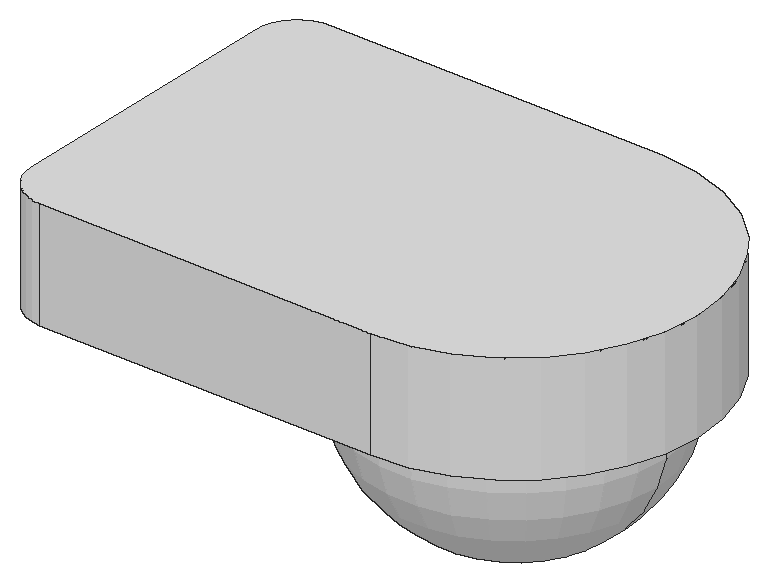
Revit family "252500.03 OSID mottaker 80 grader Tak", category Fire Alarm Devices, Revit 2016
Family settings
  Maintain Annotation Orientation = No
  Part Type = Normal
  Round Connector Dimension = Use Diameter
  OmniClass Number = 23.85.30.21.11.11.11
  OmniClass Title = Smoke Detectors
  Work Plane-Based = No
  Always vertical = Yes
  Cut with Voids When Loaded = No
  Shared = No
  Room Calculation Point = No
Parameters (values of type "Linjedetektor mottaker")
  Type Comments = "-RY"
  R = CQ Width / 2  # 65 mm
  NVMottaker = yes
  NS8360 = "5423_XN3"
  Manufacturer = "Honeywell"
  Keynote = "XN3"
  H1 = R - 10 mm  # 55 mm
  CQ Høyre = no
  CQFontSymboler = "w"
  CQ Venstre = not(CQ Høyre)  # yes
  CQ Type tekst synlig = yes
  CQ Type = "LD"
  CQ Montering tekst synlig [instance] = no
  CQ Montering [instance] = "HIM"
  CQ Material = Plastic - White
  CQ Width = 130 mm
  CQ Height = 94 mm
  CQ Length = 198 mm
  CQ Coverage Circle Radius = 70000 mm
  CQ Symbol Positive Direction [instance] = yes
  CQ Symbol Offset Side [instance] = 0 mm
  CQ Symbol Offset Out [instance] = 0 mm
  CQ Coverage Circle = no
  CQ 3D Synlig = not(CQ 2D Synlig)  # no
  CQ 2D Synlig = yes
  Assembly Code = "5423"
Reference planes
  plane 1 "Center (Front/Back)": y = 0
  plane 2: z = 0
  plane 3 "Center (Left/Right)": x = 0
  plane 4: z = -94
  plane 5 "foran a": y = -65
  plane 6 "bak a": y = 65
  plane 7 "høyre": x = 99
  plane 8 "Venstre": x = -99
  plane 9: z = -45
  plane 10: z = -39
  plane 11: x = 89
  plane 12: x = 34
Forms (mm)
  Extrusion 1, solid, material "Plastic - White" <- "CQ Material"
    sketch origin (0, 0, 0) x (1, 0, 0) y (0, 1, 0)
      loop
        arc (-84, 65) -> (-94.607, 60.607) -> (-99, 50) r 15
        line (-99, 50) -> (-99, -50)
        arc (-99, -50) -> (-94.607, -60.607) -> (-84, -65) r 15
        line (-84, -65) -> (34, -65)
        arc (34, -65) -> (99, 0) -> (34, 65) r 65
        line (34, 65) -> (-84, 65)
    from 0 to -39
  Revolve 2, solid, material "Plastic - White" <- "CQ Material"
    sketch origin (0, 0, 0) x (1, 0, 0) y (0, 0, 1)
      loop
        line (34, -39) -> (34, -94)
        arc (34, -94) -> (72.891, -77.891) -> (89, -39) r 55
        line (89, -39) -> (34, -39)
      axis (34, -39) -> (34, -94)
    angle from 0 to 360
Lines and regions (mm)
  model lines, style "InvisibleLines"
    curve 1: line (0, 0, 0) -> (0, 0, 5)
Dimensions and locks
  "CQ Height": plane 2 to plane 4
  "CQ Width": plane 6 "bak a" to plane 5 "foran a"
  equal spacing: plane 6 "bak a", plane 1 "Center (Front/Back)", plane 5 "foran a"
  equal spacing: plane 8 "Venstre", plane 3 "Center (Left/Right)", plane 7 "høyre"
  "CQ Length": plane 8 "Venstre" to plane 7 "høyre"
  "H1": plane 10 to plane 4
  "H1": plane 11 to plane 12
  locked: plane 11 to plane 7 "høyre" at 10
  "R": radius of Extrusion 1 sketch curve
  radius of Extrusion 1 sketch curve = 15 mm  (x2)
  aligned and locked: level to plane 2
  aligned and locked: plane 3 "Center (Left/Right)" to nested 1
  aligned and locked: plane 1 "Center (Front/Back)" to nested 1
  aligned and locked: nested 2 to plane 3 "Center (Left/Right)"
  aligned and locked: nested 2 to plane 1 "Center (Front/Back)"
  aligned and locked: level to curve 1
  aligned and locked: plane 3 "Center (Left/Right)" to curve 1
  aligned and locked: Extrusion 1 sketch curve to plane 6 "bak a"
  aligned and locked: Extrusion 1 sketch curve to plane 8 "Venstre"
  aligned and locked: Extrusion 1 to plane 10
  aligned and locked: Revolve 2 sketch curve to plane 12
  aligned and locked: Revolve 2 sketch curve to plane 10
  aligned and locked: plane 12 to Extrusion 1 sketch curve
  aligned and locked: plane 1 "Center (Front/Back)" to Extrusion 1 sketch curve
Automatic sketch dimensions
  level to curve 1 = 5 mm
  Revolve 2 sketch curve to plane 12 = 0 mm
  Revolve 2 sketch curve to plane 11 = 0 mm
  Revolve 2 sketch curve to plane 4 = 11 mm
  level to Revolve 2 sketch curve = 5 mm
Nested families
  nested 1: "Linjedetektor Symbol" at (0, 0, 0), visible <- "CQ 2D Synlig", type "Type 1"
  nested 2: "Coverage Circle" at (0, 0, 0), visible <- "CQ Coverage Circle", type "Type 1"
Connectors
  electrical at (0, 0, 0)
    settings: index 1, voltage 0 V, apparent load 0 VA, apparent load phase1 0 VA, apparent load phase2 0 VA, apparent load phase3 0 VA, power factor 1, load classification "Other", number of poles 1, system type 11, power factor state 1, is connector primary yes, connector utility no, sub classification motor no, connector description ""
Definition of nested family "Linjedetektor Symbol"
  Parameters (values of type "Type 1")
    Type tekst synlig = yes
    Type = "LD"
    Sender = not(Mottaker)  # no
    Mottaker = yes
    Montering tekst synlig = no
    Montering = "HIM"
    CQ Symbol Positive Direction = yes
    CQ Symbol Negative Direction = not(CQ Symbol Positive Direction)  # no
    CQ Symbol Offset Side = 0 mm
    CQ Symbol Offset Out = 0 mm
  Reference planes
    plane 1: y = 0
    plane 2: x = 0
  Dimensions and locks
    "CQ Symbol Offset Side": nested 2 to plane 2
    "CQ Symbol Offset Side": plane 2 to nested 1
    "CQ Symbol Offset Out": plane 1 to nested 1
    "CQ Symbol Offset Out": plane 1 to nested 2
  Nested families
    nested 1: "Linjedetektor Sub" at (0, 0, 0), visible <- "CQ Symbol Positive Direction", type "Type1"
    nested 2: "Linjedetektor Sub" at (0, 0, 0), visible <- "CQ Symbol Negative Direction", type "Type1"
  Definition of nested family "Linjedetektor Sub"
    Parameters (values of type "Type1")
      Type tekst synlig = yes
      Type = "LD"
      Sender = yes
      Mottaker = yes
      Montering tekst synlig = no
      Montering = "HIM"
    Reference planes
      plane 1: y = 0
      plane 2: x = 0
    Lines and regions (mm)
      detail lines
        curve 1: line (-2.5, -2.5, 0) -> (2.5, -2.5, 0)
        curve 2: line (2.5, -2.5, 0) -> (2.5, 2.5, 0)
        curve 3: line (2.5, 2.5, 0) -> (-2.5, 2.5, 0)
        curve 4: line (-2.5, 2.5, 0) -> (-2.5, -2.5, 0)
        curve 5: circle (-1.25, -1.5, 0) r 0.25 normal (0, 0, 1)
        curve 6: line (-1.25, -0.75, 0) -> (-1, 1.5, 0)
        curve 7: arc (-1, 1.5, 0) -> (-1.25, 1.75, 0) -> (-1.5, 1.5, 0) r 0.25
        curve 8: line (-1.5, 1.5, 0) -> (-1.25, -0.75, 0)
        curve 9: line (-1.25, 0.5, 0) -> (-1.25, 1.5, 0)
        curve 13: line (1.25, -0.83, 0) -> (2, 0.469, 0)
        curve 14: line (1.25, -0.83, 0) -> (0.5, 0.469, 0)
        curve 15: arc (0.189, 0.231, 0) -> (1.25, 0.67, 0) -> (2.311, 0.231, 0) r 1.5
      detail lines, visible <- "Type tekst synlig"
        curve 10: line (-2.5, -4.5, 0) -> (2.5, -4.5, 0)
        curve 11: line (-2.5, -4.5, 0) -> (-2.5, -2.5, 0)
        curve 12: line (2.5, -4.5, 0) -> (2.5, -2.5, 0)
      detail lines, visible <- "Sender"
        curve 16: line (0.198, 1.5, 0) -> (2.298, 1.5, 0)
        curve 17: line (2.298, 1.5, 0) -> (1.396, 2.021, 0)
        curve 18: line (2.298, 1.5, 0) -> (1.396, 0.979, 0)
      detail lines, visible <- "Mottaker"
        curve 19: line (2.298, -1.5, 0) -> (0.198, -1.5, 0)
        curve 20: line (0.198, -1.5, 0) -> (1.101, -2.021, 0)
        curve 21: line (0.198, -1.5, 0) -> (1.101, -0.979, 0)
    Nested families
      nested 1: "txt 1_50" at (3.379, 2.424, 0), visible <- "Montering tekst synlig", Type Name <- "Montering", type "txt"
      nested 2: "txt 1_50" at (-1.901, -3.637, 0), visible <- "Type tekst synlig", Type Name <- "Type", type "txt"
        with Type Name "LD"
    Definition of nested family "txt 1_50"
      Parameters (values of type "txt")
        Type Name [instance] = "HIM"
      Reference planes
        plane 1: y = 0
        plane 2: x = 0
      Text (mm)
        label "TXT" at (1.952, 0, 0), shows "Type Name"
Definition of nested family "Coverage Circle"
  Parameters
    Radius = 3250 mm
  Reference planes
    plane 1 "Center (Front/Back)": y = 0
    plane 2: z = 0
    plane 3 "Center (Left/Right)": x = 0
  Lines and regions (mm)
    detail lines, in view "Ref. Level"
      curve 1: circle (0, 0, 0) r 3250 normal (0, 0, 1)
  Dimensions and locks
    "Radius": radius of curve 1
    aligned and locked: plane 1 "Center (Front/Back)" to curve 1
    aligned and locked: plane 3 "Center (Left/Right)" to curve 1
